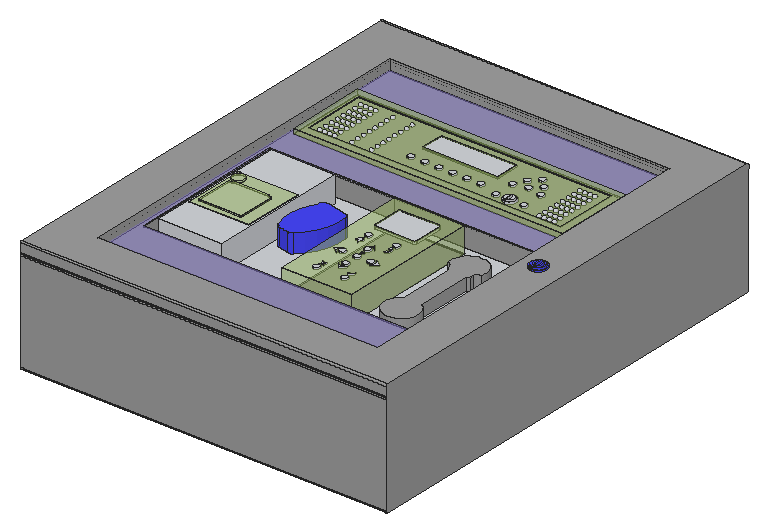
Revit family "Maxlogic ППКП красный корпус, Принтер, Телефон, Речевое оповещение", category Fire Alarm Devices, host Face, Revit 2021
Family settings
  Host = Face
  Maintain Annotation Orientation = Yes
  Round Connector Dimension = Use Diameter
  Part Type = Normal
  OmniClass Number = 23.85.30.21
  OmniClass Title = Environmental Detection/Registration
  Cut with Voids When Loaded = No
  Shared = No
  Room Calculation Point = No
Parameters (values of type "Maxlogic Приемно-контрольный прибор, 9 КШ, 1143 Адрес с дополнительными модулями, Сеть, Принтер, Телефон, Речевое оповещение")
  Вес = "~ 34,25 - 35,70 кг (без аккумулятора)"
  Монтажный короб для установки извещателя с поверхностной прокладкой кабеля = ""
  Гарантийный срок = "Года"
  Гарантийный срок запчастей = "2"
  Гарантия срока службы = "2"
  Версия = ""
  URL = "https://www.mavili.com.tr/"
  Монтажный комплект для установки извещателя в подвесной потолок = ""
  Номер позы общественных работ = ""
  Класс защиты = "IP30"
  Код продукта = "ML-1259.NPTA"
  Номер телефона = "(+)90 216 466 45 05"
  Рабочее напряжение (по умолчанию) = ""
  Диапазон рабочего напряжения = ""
  Рабочая Температура = "(-10°C) - (+55°C)"
  Номинальная глубина = "205 мм"
  Номинальная ширина = "650 мм"
  Номинальная высота = "800 мм"
  Монтажная поверхность = "Настенная"
  Монтажная высота = ""
  Model = "MaxLogic"
  Manufacturer = "Mavili Elektronik Ticaret A.Ş."
  Инструкция по установке = "https://mavilielektronik.com/Revit/ML125XX_enkk.pdf"
  Выход индикации = ""
  Номер факса = "(+)90 216 466 45 10"
  Резервное питание = "220 В Перем. ток"
  Почта = "mavili@mavili.com.tr"
  Отказ = ""
  Настройка адреса устройства = ""
  Description = "Приемно-контрольный прибор, 9 КШ, 1143 Адрес с дополнительными модулями, Сеть, Принтер, Телефон, Речевое оповещение"
  Default Elevation = 0 mm
  Потребление тока = ""
  Валюта = ""
  Cost = 0
  Совместимые базы для монтажа = ""
  Цвет = "Красный"
  Производительность кода = "EN 54\u001f-2 / EN 54-\u001f4"
  Главный Материал = "Красный металлический"
  Вторичный материал = "Органическое стекло / плексиглас"
  Аккумулятор = "4 X (12В Пост. ток 7 Aм/ч. )"
  Адрес №1 = "Şerifali Mahallesi Kutup Sokak No:27/1-2-4 Ümraniye TR-34775 İSTANBUL"
Reference planes
  plane 1 "Center (Front/Back)": y = 0
  plane 2: z = 0
  plane 3 "Center (Left/Right)": x = 0
Forms (mm)
  Extrusion 1, solid, material "MAVİLİ KIRMIZI"
    sketch origin (0, 0, 0) x (0, 1, 0) y (0, 0, 1)
      loop
        arc (400, 0) -> (401.202, 0.498) -> (401.7, 1.7) r 1.7
        line (401.7, 1.7) -> (401.7, 20) -> (401.7, 22) -> (401.7, 169.2) -> (401.7, 171.2) -> (401.7, 181.2)
        arc (401.7, 181.2) -> (401.319, 182.119) -> (400.4, 182.5) r 1.3
        line (400.4, 182.5) -> (375.5, 182.5) -> (375.5, 183.35) -> (400.4, 183.35)
        arc (400.4, 183.35) -> (402.238, 184.112) -> (403, 185.95) r 2.6
        line (403, 185.95) -> (403, 202.45)
        arc (403, 202.45) -> (402.268, 204.218) -> (400.5, 204.95) r 2.5
        line (400.5, 204.95) -> (-400.5, 204.95)
        arc (-400.5, 204.95) -> (-402.268, 204.218) -> (-403, 202.45) r 2.5
        line (-403, 202.45) -> (-403, 185.95)
        arc (-403, 185.95) -> (-402.238, 184.112) -> (-400.4, 183.35) r 2.6
        line (-400.4, 183.35) -> (-388, 183.35) -> (-375.4, 183.35) -> (-375.4, 182.507) -> (-400.401, 182.507)
        arc (-400.401, 182.507) -> (-401.319, 182.127) -> (-401.7, 181.208) r 1.299
        line (-401.7, 181.208) -> (-401.7, 1.7)
        arc (-401.7, 1.7) -> (-401.202, 0.498) -> (-400, 0) r 1.7
        line (-400, 0) -> (400, 0)
    from 0 to 653.309
  Extrusion 2, solid, material "MAVİLİ KOYU GRİ"
    sketch origin (0, 400.5, 204.95) x (0, -1, 0) y (1, 0, 0)
      loop
        circle (408.79, 607.566) r 14.964
    from 0 to 1.467
  Extrusion 3, solid, material "MAVİLİ KOYU GRİ"
    sketch origin (0, 400.5, 204.95) x (0, -1, 0) y (1, 0, 0)
      loop
        circle (408.79, 607.566) r 11.5
    from 0 to 3.526
  Extrusion 4, solid, material "MAVİLİ KOYU GRİ"
    sketch origin (0, 400.5, 204.95) x (0, -1, 0) y (1, 0, 0)
      loop
        circle (408.79, 607.566) r 7.5
    from 0 to 4.805
  Extrusion 5, solid, material "MAVİLİ KOYU GRİ"
    sketch origin (0, 400.5, 204.95) x (0, -1, 0) y (1, 0, 0)
      loop
        line (414.975, 609.11) -> (402.606, 609.11) -> (402.606, 606.022) -> (414.975, 606.022) -> (414.975, 609.11)
    from 0 to 7.467
  Extrusion 6, void
    sketch origin (0, 0, 0) x (1, 0, 0) y (0, 1, 0)
      loop
        line (77.8, 322.429) -> (77.8, -327.571) -> (577.8, -327.571) -> (577.8, 322.429) -> (77.8, 322.429)
    from 185.95 to 212.35
  Extrusion 7, solid, material "MAVİLİ BEYAZ"
    sketch origin (0, 0, 185.95) x (1, 0, 0) y (0, 1, 0)
      loop
        line (87.8, 238.929) -> (87.8, 95.929) -> (567.8, 95.929) -> (567.8, 238.929) -> (87.8, 238.929)
    from 0 to 11.04
  Extrusion 8, void
    sketch origin (0, 0, 196.99) x (0, 1, 0) y (1, 0, 0)
      loop
        line (223.929, 102.8) -> (223.929, 552.8) -> (110.929, 552.8) -> (110.929, 102.8) -> (223.929, 102.8)
    from 0 to 2.067
  Revolve 9, solid
    sketch origin (0, 0, 194.923) x (0, 1, 0) y (-1, 0, 0)
      loop
        line (211.929, -117.7) -> (205.929, -117.7)
        arc (205.929, -117.7) -> (208.929, -120.7) -> (211.929, -117.7) r 3
      axis (211.929, -117.7) -> (205.929, -117.7)
    angle from 0 to -180
  Revolve 10, solid
    sketch origin (9, 0, 194.923) x (0, 1, 0) y (-1, 0, 0)
      loop
        line (211.929, -117.7) -> (205.929, -117.7)
        arc (205.929, -117.7) -> (208.929, -120.7) -> (211.929, -117.7) r 3
      axis (211.929, -117.7) -> (205.929, -117.7)
    angle from 0 to -180
  Revolve 11, solid
    sketch origin (18, 0, 194.923) x (0, 1, 0) y (-1, 0, 0)
      loop
        line (211.929, -117.7) -> (205.929, -117.7)
        arc (205.929, -117.7) -> (208.929, -120.7) -> (211.929, -117.7) r 3
      axis (211.929, -117.7) -> (205.929, -117.7)
    angle from 0 to -180
  Revolve 12, solid
    sketch origin (27, 0, 194.923) x (0, 1, 0) y (-1, 0, 0)
      loop
        line (211.929, -117.7) -> (205.929, -117.7)
        arc (205.929, -117.7) -> (208.929, -120.7) -> (211.929, -117.7) r 3
      axis (211.929, -117.7) -> (205.929, -117.7)
    angle from 0 to -180
  Revolve 13, solid
    sketch origin (0, -13, 194.923) x (0, 1, 0) y (-1, 0, 0)
      loop
        line (211.929, -117.7) -> (205.929, -117.7)
        arc (205.929, -117.7) -> (208.929, -120.7) -> (211.929, -117.7) r 3
      axis (211.929, -117.7) -> (205.929, -117.7)
    angle from 0 to -180
  Revolve 14, solid
    sketch origin (9, -13, 194.923) x (0, 1, 0) y (-1, 0, 0)
      loop
        line (211.929, -117.7) -> (205.929, -117.7)
        arc (205.929, -117.7) -> (208.929, -120.7) -> (211.929, -117.7) r 3
      axis (211.929, -117.7) -> (205.929, -117.7)
    angle from 0 to -180
  Revolve 15, solid
    sketch origin (18, -13, 194.923) x (0, 1, 0) y (-1, 0, 0)
      loop
        line (211.929, -117.7) -> (205.929, -117.7)
        arc (205.929, -117.7) -> (208.929, -120.7) -> (211.929, -117.7) r 3
      axis (211.929, -117.7) -> (205.929, -117.7)
    angle from 0 to -180
  Revolve 16, solid
    sketch origin (27, -13, 194.923) x (0, 1, 0) y (-1, 0, 0)
      loop
        line (211.929, -117.7) -> (205.929, -117.7)
        arc (205.929, -117.7) -> (208.929, -120.7) -> (211.929, -117.7) r 3
      axis (211.929, -117.7) -> (205.929, -117.7)
    angle from 0 to -180
  Revolve 17, solid
    sketch origin (0, -26, 194.923) x (0, 1, 0) y (-1, 0, 0)
      loop
        line (211.929, -117.7) -> (205.929, -117.7)
        arc (205.929, -117.7) -> (208.929, -120.7) -> (211.929, -117.7) r 3
      axis (211.929, -117.7) -> (205.929, -117.7)
    angle from 0 to -180
  Revolve 18, solid
    sketch origin (9, -26, 194.923) x (0, 1, 0) y (-1, 0, 0)
      loop
        line (211.929, -117.7) -> (205.929, -117.7)
        arc (205.929, -117.7) -> (208.929, -120.7) -> (211.929, -117.7) r 3
      axis (211.929, -117.7) -> (205.929, -117.7)
    angle from 0 to -180
  Revolve 19, solid
    sketch origin (18, -26, 194.923) x (0, 1, 0) y (-1, 0, 0)
      loop
        line (211.929, -117.7) -> (205.929, -117.7)
        arc (205.929, -117.7) -> (208.929, -120.7) -> (211.929, -117.7) r 3
      axis (211.929, -117.7) -> (205.929, -117.7)
    angle from 0 to -180
  Revolve 20, solid
    sketch origin (27, -26, 194.923) x (0, 1, 0) y (-1, 0, 0)
      loop
        line (211.929, -117.7) -> (205.929, -117.7)
        arc (205.929, -117.7) -> (208.929, -120.7) -> (211.929, -117.7) r 3
      axis (211.929, -117.7) -> (205.929, -117.7)
    angle from 0 to -180
  Revolve 21, solid
    sketch origin (0, -39, 194.923) x (0, 1, 0) y (-1, 0, 0)
      loop
        line (211.929, -117.7) -> (205.929, -117.7)
        arc (205.929, -117.7) -> (208.929, -120.7) -> (211.929, -117.7) r 3
      axis (211.929, -117.7) -> (205.929, -117.7)
    angle from 0 to -180
  Revolve 22, solid
    sketch origin (9, -39, 194.923) x (0, 1, 0) y (-1, 0, 0)
      loop
        line (211.929, -117.7) -> (205.929, -117.7)
        arc (205.929, -117.7) -> (208.929, -120.7) -> (211.929, -117.7) r 3
      axis (211.929, -117.7) -> (205.929, -117.7)
    angle from 0 to -180
  Revolve 23, solid
    sketch origin (18, -39, 194.923) x (0, 1, 0) y (-1, 0, 0)
      loop
        line (211.929, -117.7) -> (205.929, -117.7)
        arc (205.929, -117.7) -> (208.929, -120.7) -> (211.929, -117.7) r 3
      axis (211.929, -117.7) -> (205.929, -117.7)
    angle from 0 to -180
  Revolve 24, solid
    sketch origin (27, -39, 194.923) x (0, 1, 0) y (-1, 0, 0)
      loop
        line (211.929, -117.7) -> (205.929, -117.7)
        arc (205.929, -117.7) -> (208.929, -120.7) -> (211.929, -117.7) r 3
      axis (211.929, -117.7) -> (205.929, -117.7)
    angle from 0 to -180
  Revolve 25, solid
    sketch origin (0, -52, 194.923) x (0, 1, 0) y (-1, 0, 0)
      loop
        line (211.929, -117.7) -> (205.929, -117.7)
        arc (205.929, -117.7) -> (208.929, -120.7) -> (211.929, -117.7) r 3
      axis (211.929, -117.7) -> (205.929, -117.7)
    angle from 0 to -180
  Revolve 26, solid
    sketch origin (9, -52, 194.923) x (0, 1, 0) y (-1, 0, 0)
      loop
        line (211.929, -117.7) -> (205.929, -117.7)
        arc (205.929, -117.7) -> (208.929, -120.7) -> (211.929, -117.7) r 3
      axis (211.929, -117.7) -> (205.929, -117.7)
    angle from 0 to -180
  Revolve 27, solid
    sketch origin (18, -52, 194.923) x (0, 1, 0) y (-1, 0, 0)
      loop
        line (211.929, -117.7) -> (205.929, -117.7)
        arc (205.929, -117.7) -> (208.929, -120.7) -> (211.929, -117.7) r 3
      axis (211.929, -117.7) -> (205.929, -117.7)
    angle from 0 to -180
  Revolve 28, solid
    sketch origin (27, -52, 194.923) x (0, 1, 0) y (-1, 0, 0)
      loop
        line (211.929, -117.7) -> (205.929, -117.7)
        arc (205.929, -117.7) -> (208.929, -120.7) -> (211.929, -117.7) r 3
      axis (211.929, -117.7) -> (205.929, -117.7)
    angle from 0 to -180
  Revolve 29, solid
    sketch origin (0, -65, 194.923) x (0, 1, 0) y (-1, 0, 0)
      loop
        line (211.929, -117.7) -> (205.929, -117.7)
        arc (205.929, -117.7) -> (208.929, -120.7) -> (211.929, -117.7) r 3
      axis (211.929, -117.7) -> (205.929, -117.7)
    angle from 0 to -180
  Revolve 30, solid
    sketch origin (9, -65, 194.923) x (0, 1, 0) y (-1, 0, 0)
      loop
        line (211.929, -117.7) -> (205.929, -117.7)
        arc (205.929, -117.7) -> (208.929, -120.7) -> (211.929, -117.7) r 3
      axis (211.929, -117.7) -> (205.929, -117.7)
    angle from 0 to -180
  Revolve 31, solid
    sketch origin (18, -65, 194.923) x (0, 1, 0) y (-1, 0, 0)
      loop
        line (211.929, -117.7) -> (205.929, -117.7)
        arc (205.929, -117.7) -> (208.929, -120.7) -> (211.929, -117.7) r 3
      axis (211.929, -117.7) -> (205.929, -117.7)
    angle from 0 to -180
  Revolve 32, solid
    sketch origin (27, -65, 194.923) x (0, 1, 0) y (-1, 0, 0)
      loop
        line (211.929, -117.7) -> (205.929, -117.7)
        arc (205.929, -117.7) -> (208.929, -120.7) -> (211.929, -117.7) r 3
      axis (211.929, -117.7) -> (205.929, -117.7)
    angle from 0 to -180
  Revolve 33, solid
    sketch origin (0, -78, 194.923) x (0, 1, 0) y (-1, 0, 0)
      loop
        line (211.929, -117.7) -> (205.929, -117.7)
        arc (205.929, -117.7) -> (208.929, -120.7) -> (211.929, -117.7) r 3
      axis (211.929, -117.7) -> (205.929, -117.7)
    angle from 0 to -180
  Revolve 34, solid
    sketch origin (9, -78, 194.923) x (0, 1, 0) y (-1, 0, 0)
      loop
        line (211.929, -117.7) -> (205.929, -117.7)
        arc (205.929, -117.7) -> (208.929, -120.7) -> (211.929, -117.7) r 3
      axis (211.929, -117.7) -> (205.929, -117.7)
    angle from 0 to -180
  Revolve 35, solid
    sketch origin (18, -78, 194.923) x (0, 1, 0) y (-1, 0, 0)
      loop
        line (211.929, -117.7) -> (205.929, -117.7)
        arc (205.929, -117.7) -> (208.929, -120.7) -> (211.929, -117.7) r 3
      axis (211.929, -117.7) -> (205.929, -117.7)
    angle from 0 to -180
  Revolve 36, solid
    sketch origin (27, -78, 194.923) x (0, 1, 0) y (-1, 0, 0)
      loop
        line (211.929, -117.7) -> (205.929, -117.7)
        arc (205.929, -117.7) -> (208.929, -120.7) -> (211.929, -117.7) r 3
      axis (211.929, -117.7) -> (205.929, -117.7)
    angle from 0 to -180
  Revolve 37, solid
    sketch origin (0, -91, 194.923) x (0, 1, 0) y (-1, 0, 0)
      loop
        line (211.929, -117.7) -> (205.929, -117.7)
        arc (205.929, -117.7) -> (208.929, -120.7) -> (211.929, -117.7) r 3
      axis (211.929, -117.7) -> (205.929, -117.7)
    angle from 0 to -180
  Revolve 38, solid
    sketch origin (9, -91, 194.923) x (0, 1, 0) y (-1, 0, 0)
      loop
        line (211.929, -117.7) -> (205.929, -117.7)
        arc (205.929, -117.7) -> (208.929, -120.7) -> (211.929, -117.7) r 3
      axis (211.929, -117.7) -> (205.929, -117.7)
    angle from 0 to -180
  Revolve 39, solid
    sketch origin (18, -91, 194.923) x (0, 1, 0) y (-1, 0, 0)
      loop
        line (211.929, -117.7) -> (205.929, -117.7)
        arc (205.929, -117.7) -> (208.929, -120.7) -> (211.929, -117.7) r 3
      axis (211.929, -117.7) -> (205.929, -117.7)
    angle from 0 to -180
  Revolve 40, solid
    sketch origin (27, -91, 194.923) x (0, 1, 0) y (-1, 0, 0)
      loop
        line (211.929, -117.7) -> (205.929, -117.7)
        arc (205.929, -117.7) -> (208.929, -120.7) -> (211.929, -117.7) r 3
      axis (211.929, -117.7) -> (205.929, -117.7)
    angle from 0 to -180
  Revolve 41, solid
    sketch origin (57, 0, 194.923) x (0, 1, 0) y (-1, 0, 0)
      loop
        line (211.929, -117.7) -> (205.929, -117.7)
        arc (205.929, -117.7) -> (208.929, -120.7) -> (211.929, -117.7) r 3
      axis (211.929, -117.7) -> (205.929, -117.7)
    angle from 0 to -180
  Revolve 42, solid
    sketch origin (57, -13, 194.923) x (0, 1, 0) y (-1, 0, 0)
      loop
        line (211.929, -117.7) -> (205.929, -117.7)
        arc (205.929, -117.7) -> (208.929, -120.7) -> (211.929, -117.7) r 3
      axis (211.929, -117.7) -> (205.929, -117.7)
    angle from 0 to -180
  Revolve 43, solid
    sketch origin (57, -26, 194.923) x (0, 1, 0) y (-1, 0, 0)
      loop
        line (211.929, -117.7) -> (205.929, -117.7)
        arc (205.929, -117.7) -> (208.929, -120.7) -> (211.929, -117.7) r 3
      axis (211.929, -117.7) -> (205.929, -117.7)
    angle from 0 to -180
  Revolve 44, solid
    sketch origin (57, -39, 194.923) x (0, 1, 0) y (-1, 0, 0)
      loop
        line (211.929, -117.7) -> (205.929, -117.7)
        arc (205.929, -117.7) -> (208.929, -120.7) -> (211.929, -117.7) r 3
      axis (211.929, -117.7) -> (205.929, -117.7)
    angle from 0 to -180
  Revolve 45, solid
    sketch origin (57, -52, 194.923) x (0, 1, 0) y (-1, 0, 0)
      loop
        line (211.929, -117.7) -> (205.929, -117.7)
        arc (205.929, -117.7) -> (208.929, -120.7) -> (211.929, -117.7) r 3
      axis (211.929, -117.7) -> (205.929, -117.7)
    angle from 0 to -180
  Revolve 46, solid
    sketch origin (57, -65, 194.923) x (0, 1, 0) y (-1, 0, 0)
      loop
        line (211.929, -117.7) -> (205.929, -117.7)
        arc (205.929, -117.7) -> (208.929, -120.7) -> (211.929, -117.7) r 3
      axis (211.929, -117.7) -> (205.929, -117.7)
    angle from 0 to -180
  Revolve 47, solid
    sketch origin (57, -78, 194.923) x (0, 1, 0) y (-1, 0, 0)
      loop
        line (211.929, -117.7) -> (205.929, -117.7)
        arc (205.929, -117.7) -> (208.929, -120.7) -> (211.929, -117.7) r 3
      axis (211.929, -117.7) -> (205.929, -117.7)
    angle from 0 to -180
  Revolve 48, solid
    sketch origin (57, -91, 194.923) x (0, 1, 0) y (-1, 0, 0)
      loop
        line (211.929, -117.7) -> (205.929, -117.7)
        arc (205.929, -117.7) -> (208.929, -120.7) -> (211.929, -117.7) r 3
      axis (211.929, -117.7) -> (205.929, -117.7)
    angle from 0 to -180
  Revolve 49, solid
    sketch origin (92, 0, 194.923) x (0, 1, 0) y (-1, 0, 0)
      loop
        line (211.929, -117.7) -> (205.929, -117.7)
        arc (205.929, -117.7) -> (208.929, -120.7) -> (211.929, -117.7) r 3
      axis (211.929, -117.7) -> (205.929, -117.7)
    angle from 0 to -180
  Revolve 50, solid
    sketch origin (92, -13, 194.923) x (0, 1, 0) y (-1, 0, 0)
      loop
        line (211.929, -117.7) -> (205.929, -117.7)
        arc (205.929, -117.7) -> (208.929, -120.7) -> (211.929, -117.7) r 3
      axis (211.929, -117.7) -> (205.929, -117.7)
    angle from 0 to -180
  Revolve 51, solid
    sketch origin (92, -26, 194.923) x (0, 1, 0) y (-1, 0, 0)
      loop
        line (211.929, -117.7) -> (205.929, -117.7)
        arc (205.929, -117.7) -> (208.929, -120.7) -> (211.929, -117.7) r 3
      axis (211.929, -117.7) -> (205.929, -117.7)
    angle from 0 to -180
  Revolve 52, solid
    sketch origin (92, -39, 194.923) x (0, 1, 0) y (-1, 0, 0)
      loop
        line (211.929, -117.7) -> (205.929, -117.7)
        arc (205.929, -117.7) -> (208.929, -120.7) -> (211.929, -117.7) r 3
      axis (211.929, -117.7) -> (205.929, -117.7)
    angle from 0 to -180
  Revolve 53, solid
    sketch origin (92, -52, 194.923) x (0, 1, 0) y (-1, 0, 0)
      loop
        line (211.929, -117.7) -> (205.929, -117.7)
        arc (205.929, -117.7) -> (208.929, -120.7) -> (211.929, -117.7) r 3
      axis (211.929, -117.7) -> (205.929, -117.7)
    angle from 0 to -180
  Revolve 54, solid
    sketch origin (92, -65, 194.923) x (0, 1, 0) y (-1, 0, 0)
      loop
        line (211.929, -117.7) -> (205.929, -117.7)
        arc (205.929, -117.7) -> (208.929, -120.7) -> (211.929, -117.7) r 3
      axis (211.929, -117.7) -> (205.929, -117.7)
    angle from 0 to -180
  Revolve 55, solid
    sketch origin (92, -78, 194.923) x (0, 1, 0) y (-1, 0, 0)
      loop
        line (211.929, -117.7) -> (205.929, -117.7)
        arc (205.929, -117.7) -> (208.929, -120.7) -> (211.929, -117.7) r 3
      axis (211.929, -117.7) -> (205.929, -117.7)
    angle from 0 to -180
  Revolve 56, solid
    sketch origin (92, -91, 194.923) x (0, 1, 0) y (-1, 0, 0)
      loop
        line (211.929, -117.7) -> (205.929, -117.7)
        arc (205.929, -117.7) -> (208.929, -120.7) -> (211.929, -117.7) r 3
      axis (211.929, -117.7) -> (205.929, -117.7)
    angle from 0 to -180
  Extrusion 57, solid
    sketch origin (0, 0, 194.923) x (0, 1, 0) y (-1, 0, 0)
      loop
        circle (137.429, -264.2) r 5.5
    from 0 to 1.44
  Extrusion 58, solid
    sketch origin (25, 0, 194.923) x (0, 1, 0) y (-1, 0, 0)
      loop
        circle (137.429, -264.2) r 5.5
    from 0 to 1.44
  Extrusion 59, solid
    sketch origin (50, 0, 194.923) x (0, 1, 0) y (-1, 0, 0)
      loop
        circle (137.429, -264.2) r 5.5
    from 0 to 1.44
  Extrusion 60, solid
    sketch origin (75, 0, 194.923) x (0, 1, 0) y (-1, 0, 0)
      loop
        circle (137.429, -264.2) r 5.5
    from 0 to 1.44
  Extrusion 61, solid
    sketch origin (100, 0, 194.923) x (0, 1, 0) y (-1, 0, 0)
      loop
        circle (137.429, -264.2) r 5.5
    from 0 to 1.44
  Extrusion 62, solid
    sketch origin (125, 0, 194.923) x (0, 1, 0) y (-1, 0, 0)
      loop
        circle (137.429, -264.2) r 5.5
    from 0 to 1.44
  Extrusion 63, solid
    sketch origin (159.838, -9.99, 194.923) x (0, 1, 0) y (-1, 0, 0)
      loop
        circle (137.429, -264.2) r 5.5
    from 0 to 1.44
  Extrusion 64, solid
    sketch origin (209.838, -9.99, 194.923) x (0, 1, 0) y (-1, 0, 0)
      loop
        circle (137.429, -264.2) r 5.5
    from 0 to 1.44
  Extrusion 65, solid
    sketch origin (209.838, 27.51, 194.923) x (0, 1, 0) y (-1, 0, 0)
      loop
        circle (137.429, -264.2) r 5.5
    from 0 to 1.44
  Extrusion 66, solid
    sketch origin (184.09, 32.515, 194.923) x (0, 1, 0) y (-1, 0, 0)
      loop
        circle (137.429, -264.2) r 5.5
    from 0 to 1.44
  Extrusion 67, solid
    sketch origin (159.636, 27.318, 194.923) x (0, 1, 0) y (-1, 0, 0)
      loop
        circle (137.429, -264.2) r 5.5
    from 0 to 1.44
  Extrusion 68, solid
    sketch origin (169.48, 47.5, 194.923) x (0, 1, 0) y (-1, 0, 0)
      loop
        circle (137.429, -264.2) r 5.5
    from 0 to 1.44
  Extrusion 69, solid
    sketch origin (199.52, 47.5, 194.923) x (0, 1, 0) y (-1, 0, 0)
      loop
        circle (137.429, -264.2) r 5.5
    from 0 to 1.44
  Extrusion 70, solid
    sketch origin (184.52, 62.5, 194.923) x (0, 1, 0) y (-1, 0, 0)
      loop
        circle (137.429, -264.2) r 5.5
    from 0 to 1.44
  Revolve 71, solid
    sketch origin (391, 0, 194.923) x (0, 1, 0) y (-1, 0, 0)
      loop
        line (211.929, -117.7) -> (205.929, -117.7)
        arc (205.929, -117.7) -> (208.929, -120.7) -> (211.929, -117.7) r 3
      axis (211.929, -117.7) -> (205.929, -117.7)
    angle from 0 to -180
  Revolve 72, solid
    sketch origin (400, 0, 194.923) x (0, 1, 0) y (-1, 0, 0)
      loop
        line (211.929, -117.7) -> (205.929, -117.7)
        arc (205.929, -117.7) -> (208.929, -120.7) -> (211.929, -117.7) r 3
      axis (211.929, -117.7) -> (205.929, -117.7)
    angle from 0 to -180
  Revolve 73, solid
    sketch origin (409, 0, 194.923) x (0, 1, 0) y (-1, 0, 0)
      loop
        line (211.929, -117.7) -> (205.929, -117.7)
        arc (205.929, -117.7) -> (208.929, -120.7) -> (211.929, -117.7) r 3
      axis (211.929, -117.7) -> (205.929, -117.7)
    angle from 0 to -180
  Revolve 74, solid
    sketch origin (418, 0, 194.923) x (0, 1, 0) y (-1, 0, 0)
      loop
        line (211.929, -117.7) -> (205.929, -117.7)
        arc (205.929, -117.7) -> (208.929, -120.7) -> (211.929, -117.7) r 3
      axis (211.929, -117.7) -> (205.929, -117.7)
    angle from 0 to -180
  Revolve 75, solid
    sketch origin (391, -13, 194.923) x (0, 1, 0) y (-1, 0, 0)
      loop
        line (211.929, -117.7) -> (205.929, -117.7)
        arc (205.929, -117.7) -> (208.929, -120.7) -> (211.929, -117.7) r 3
      axis (211.929, -117.7) -> (205.929, -117.7)
    angle from 0 to -180
  Revolve 76, solid
    sketch origin (400, -13, 194.923) x (0, 1, 0) y (-1, 0, 0)
      loop
        line (211.929, -117.7) -> (205.929, -117.7)
        arc (205.929, -117.7) -> (208.929, -120.7) -> (211.929, -117.7) r 3
      axis (211.929, -117.7) -> (205.929, -117.7)
    angle from 0 to -180
  Revolve 77, solid
    sketch origin (409, -13, 194.923) x (0, 1, 0) y (-1, 0, 0)
      loop
        line (211.929, -117.7) -> (205.929, -117.7)
        arc (205.929, -117.7) -> (208.929, -120.7) -> (211.929, -117.7) r 3
      axis (211.929, -117.7) -> (205.929, -117.7)
    angle from 0 to -180
  Revolve 78, solid
    sketch origin (418, -13, 194.923) x (0, 1, 0) y (-1, 0, 0)
      loop
        line (211.929, -117.7) -> (205.929, -117.7)
        arc (205.929, -117.7) -> (208.929, -120.7) -> (211.929, -117.7) r 3
      axis (211.929, -117.7) -> (205.929, -117.7)
    angle from 0 to -180
  Revolve 79, solid
    sketch origin (391, -26, 194.923) x (0, 1, 0) y (-1, 0, 0)
      loop
        line (211.929, -117.7) -> (205.929, -117.7)
        arc (205.929, -117.7) -> (208.929, -120.7) -> (211.929, -117.7) r 3
      axis (211.929, -117.7) -> (205.929, -117.7)
    angle from 0 to -180
  Revolve 80, solid
    sketch origin (400, -26, 194.923) x (0, 1, 0) y (-1, 0, 0)
      loop
        line (211.929, -117.7) -> (205.929, -117.7)
        arc (205.929, -117.7) -> (208.929, -120.7) -> (211.929, -117.7) r 3
      axis (211.929, -117.7) -> (205.929, -117.7)
    angle from 0 to -180
  Revolve 81, solid
    sketch origin (409, -26, 194.923) x (0, 1, 0) y (-1, 0, 0)
      loop
        line (211.929, -117.7) -> (205.929, -117.7)
        arc (205.929, -117.7) -> (208.929, -120.7) -> (211.929, -117.7) r 3
      axis (211.929, -117.7) -> (205.929, -117.7)
    angle from 0 to -180
  Revolve 82, solid
    sketch origin (418, -26, 194.923) x (0, 1, 0) y (-1, 0, 0)
      loop
        line (211.929, -117.7) -> (205.929, -117.7)
        arc (205.929, -117.7) -> (208.929, -120.7) -> (211.929, -117.7) r 3
      axis (211.929, -117.7) -> (205.929, -117.7)
    angle from 0 to -180
  Revolve 83, solid
    sketch origin (391, -39, 194.923) x (0, 1, 0) y (-1, 0, 0)
      loop
        line (211.929, -117.7) -> (205.929, -117.7)
        arc (205.929, -117.7) -> (208.929, -120.7) -> (211.929, -117.7) r 3
      axis (211.929, -117.7) -> (205.929, -117.7)
    angle from 0 to -180
  Revolve 84, solid
    sketch origin (400, -39, 194.923) x (0, 1, 0) y (-1, 0, 0)
      loop
        line (211.929, -117.7) -> (205.929, -117.7)
        arc (205.929, -117.7) -> (208.929, -120.7) -> (211.929, -117.7) r 3
      axis (211.929, -117.7) -> (205.929, -117.7)
    angle from 0 to -180
  Revolve 85, solid
    sketch origin (409, -39, 194.923) x (0, 1, 0) y (-1, 0, 0)
      loop
        line (211.929, -117.7) -> (205.929, -117.7)
        arc (205.929, -117.7) -> (208.929, -120.7) -> (211.929, -117.7) r 3
      axis (211.929, -117.7) -> (205.929, -117.7)
    angle from 0 to -180
  Revolve 86, solid
    sketch origin (418, -39, 194.923) x (0, 1, 0) y (-1, 0, 0)
      loop
        line (211.929, -117.7) -> (205.929, -117.7)
        arc (205.929, -117.7) -> (208.929, -120.7) -> (211.929, -117.7) r 3
      axis (211.929, -117.7) -> (205.929, -117.7)
    angle from 0 to -180
  Revolve 87, solid
    sketch origin (391, -52, 194.923) x (0, 1, 0) y (-1, 0, 0)
      loop
        line (211.929, -117.7) -> (205.929, -117.7)
        arc (205.929, -117.7) -> (208.929, -120.7) -> (211.929, -117.7) r 3
      axis (211.929, -117.7) -> (205.929, -117.7)
    angle from 0 to -180
  Revolve 88, solid
    sketch origin (400, -52, 194.923) x (0, 1, 0) y (-1, 0, 0)
      loop
        line (211.929, -117.7) -> (205.929, -117.7)
        arc (205.929, -117.7) -> (208.929, -120.7) -> (211.929, -117.7) r 3
      axis (211.929, -117.7) -> (205.929, -117.7)
    angle from 0 to -180
  Revolve 89, solid
    sketch origin (409, -52, 194.923) x (0, 1, 0) y (-1, 0, 0)
      loop
        line (211.929, -117.7) -> (205.929, -117.7)
        arc (205.929, -117.7) -> (208.929, -120.7) -> (211.929, -117.7) r 3
      axis (211.929, -117.7) -> (205.929, -117.7)
    angle from 0 to -180
  Revolve 90, solid
    sketch origin (418, -52, 194.923) x (0, 1, 0) y (-1, 0, 0)
      loop
        line (211.929, -117.7) -> (205.929, -117.7)
        arc (205.929, -117.7) -> (208.929, -120.7) -> (211.929, -117.7) r 3
      axis (211.929, -117.7) -> (205.929, -117.7)
    angle from 0 to -180
  Revolve 91, solid
    sketch origin (391, -65, 194.923) x (0, 1, 0) y (-1, 0, 0)
      loop
        line (211.929, -117.7) -> (205.929, -117.7)
        arc (205.929, -117.7) -> (208.929, -120.7) -> (211.929, -117.7) r 3
      axis (211.929, -117.7) -> (205.929, -117.7)
    angle from 0 to -180
  Revolve 92, solid
    sketch origin (400, -65, 194.923) x (0, 1, 0) y (-1, 0, 0)
      loop
        line (211.929, -117.7) -> (205.929, -117.7)
        arc (205.929, -117.7) -> (208.929, -120.7) -> (211.929, -117.7) r 3
      axis (211.929, -117.7) -> (205.929, -117.7)
    angle from 0 to -180
  Revolve 93, solid
    sketch origin (409, -65, 194.923) x (0, 1, 0) y (-1, 0, 0)
      loop
        line (211.929, -117.7) -> (205.929, -117.7)
        arc (205.929, -117.7) -> (208.929, -120.7) -> (211.929, -117.7) r 3
      axis (211.929, -117.7) -> (205.929, -117.7)
    angle from 0 to -180
  Revolve 94, solid
    sketch origin (418, -65, 194.923) x (0, 1, 0) y (-1, 0, 0)
      loop
        line (211.929, -117.7) -> (205.929, -117.7)
        arc (205.929, -117.7) -> (208.929, -120.7) -> (211.929, -117.7) r 3
      axis (211.929, -117.7) -> (205.929, -117.7)
    angle from 0 to -180
  Revolve 95, solid
    sketch origin (391, -78, 194.923) x (0, 1, 0) y (-1, 0, 0)
      loop
        line (211.929, -117.7) -> (205.929, -117.7)
        arc (205.929, -117.7) -> (208.929, -120.7) -> (211.929, -117.7) r 3
      axis (211.929, -117.7) -> (205.929, -117.7)
    angle from 0 to -180
  Revolve 96, solid
    sketch origin (400, -78, 194.923) x (0, 1, 0) y (-1, 0, 0)
      loop
        line (211.929, -117.7) -> (205.929, -117.7)
        arc (205.929, -117.7) -> (208.929, -120.7) -> (211.929, -117.7) r 3
      axis (211.929, -117.7) -> (205.929, -117.7)
    angle from 0 to -180
  Revolve 97, solid
    sketch origin (409, -78, 194.923) x (0, 1, 0) y (-1, 0, 0)
      loop
        line (211.929, -117.7) -> (205.929, -117.7)
        arc (205.929, -117.7) -> (208.929, -120.7) -> (211.929, -117.7) r 3
      axis (211.929, -117.7) -> (205.929, -117.7)
    angle from 0 to -180
  Revolve 98, solid
    sketch origin (418, -78, 194.923) x (0, 1, 0) y (-1, 0, 0)
      loop
        line (211.929, -117.7) -> (205.929, -117.7)
        arc (205.929, -117.7) -> (208.929, -120.7) -> (211.929, -117.7) r 3
      axis (211.929, -117.7) -> (205.929, -117.7)
    angle from 0 to -180
  Revolve 99, solid
    sketch origin (391, -91, 194.923) x (0, 1, 0) y (-1, 0, 0)
      loop
        line (211.929, -117.7) -> (205.929, -117.7)
        arc (205.929, -117.7) -> (208.929, -120.7) -> (211.929, -117.7) r 3
      axis (211.929, -117.7) -> (205.929, -117.7)
    angle from 0 to -180
  Revolve 100, solid
    sketch origin (400, -91, 194.923) x (0, 1, 0) y (-1, 0, 0)
      loop
        line (211.929, -117.7) -> (205.929, -117.7)
        arc (205.929, -117.7) -> (208.929, -120.7) -> (211.929, -117.7) r 3
      axis (211.929, -117.7) -> (205.929, -117.7)
    angle from 0 to -180
  Revolve 101, solid
    sketch origin (409, -91, 194.923) x (0, 1, 0) y (-1, 0, 0)
      loop
        line (211.929, -117.7) -> (205.929, -117.7)
        arc (205.929, -117.7) -> (208.929, -120.7) -> (211.929, -117.7) r 3
      axis (211.929, -117.7) -> (205.929, -117.7)
    angle from 0 to -180
  Revolve 102, solid
    sketch origin (418, -91, 194.923) x (0, 1, 0) y (-1, 0, 0)
      loop
        line (211.929, -117.7) -> (205.929, -117.7)
        arc (205.929, -117.7) -> (208.929, -120.7) -> (211.929, -117.7) r 3
      axis (211.929, -117.7) -> (205.929, -117.7)
    angle from 0 to -180
  Extrusion 103, solid
    sketch origin (0, 0, 194.923) x (0, 1, 0) y (-1, 0, 0)
      loop
        circle (127.429, -448.7) r 11
    from 0 to 3
  Extrusion 104, solid
    sketch origin (0, 0, 194.923) x (0, 1, 0) y (-1, 0, 0)
      loop
        circle (127.429, -448.7) r 8.113
    from 0 to 5
  Extrusion 105, solid
    sketch origin (0, 0, 194.923) x (0, 1, 0) y (-1, 0, 0)
      loop
        line (131.17, -447.45) -> (121.17, -447.45) -> (121.17, -449.95) -> (131.17, -449.95) -> (131.17, -447.45)
    from 0 to 7
  Extrusion 106, void
    sketch origin (0, 0, 194.923) x (-1, 0, 0) y (0, 1, 0)
      loop
        line (-259.7, 210.929) -> (-393.7, 210.929) -> (-393.7, 169.929) -> (-259.7, 169.929) -> (-259.7, 210.929)
    from 0 to 4.399
  Extrusion 107, solid, material "MAVİLİ SİYAH"
    sketch origin (0, 0, 185.95) x (1, 0, 0) y (0, 1, 0)
      loop
        line (77.8, 322.429) -> (77.8, -327.571) -> (577.8, -327.571) -> (577.8, 322.429) -> (77.8, 322.429)
      loop
        line (87.8, 238.929) -> (87.8, 95.929) -> (567.8, 95.929) -> (567.8, 238.929) -> (87.8, 238.929)
      loop
        line (87.8, 44.429) -> (87.8, -237.571) -> (567.8, -237.571) -> (567.8, 44.429) -> (87.8, 44.429)
    from 0 to 2
  Extrusion 108, void
    sketch origin (0, 0, 185.95) x (0, 1, 0) y (1, 0, 0)
      loop
        line (44.429, 87.8) -> (44.429, 567.8) -> (-237.571, 567.8) -> (-237.571, 87.8) -> (44.429, 87.8)
    from -8.973 to 35.649
  Extrusion 109, solid, material "MAVİLİ BEYAZ"
    sketch origin (0, 0, 150.301) x (0, 1, 0) y (-1, 0, 0)
      loop
        line (29.429, -322.2) -> (-222.571, -322.2) -> (-222.571, -447.2) -> (29.429, -447.2) -> (29.429, -322.2)
    from 0 to 46.689
  Extrusion 110, void
    sketch origin (0, 0, 196.99) x (-1, 0, 0) y (0, 1, 0)
      loop
        arc (-418.722, 7.929) -> (-420.828, 7.057) -> (-421.7, 4.952) r 2.978
        line (-421.7, 4.952) -> (-421.7, -46.721)
        arc (-421.7, -46.721) -> (-420.719, -49.09) -> (-418.35, -50.071) r 3.35
        line (-418.35, -50.071) -> (-350.678, -50.071)
        arc (-350.678, -50.071) -> (-348.572, -49.199) -> (-347.7, -47.093) r 2.978
        line (-347.7, -47.093) -> (-347.7, 4.579)
        arc (-347.7, 4.579) -> (-348.681, 6.948) -> (-351.05, 7.929) r 3.35
        line (-351.05, 7.929) -> (-418.722, 7.929)
    from 0 to 4.328
  Extrusion 111, solid
    sketch origin (0, 0, 196.99) x (0, 1, 0) y (-1, 0, 0)
      loop
        circle (-76.571, -359.7) r 5.5
    from 0 to 1.215
  Extrusion 112, solid
    sketch origin (50, 0, 196.99) x (0, 1, 0) y (-1, 0, 0)
      loop
        circle (-76.571, -359.7) r 5.5
    from 0 to 1.215
  Extrusion 113, solid
    sketch origin (24.619, -32.487, 196.99) x (0, 1, 0) y (-1, 0, 0)
      loop
        circle (-76.571, -359.7) r 5.5
    from 0 to 1.215
  Extrusion 114, solid
    sketch origin (-0.381, -57.487, 196.99) x (0, 1, 0) y (-1, 0, 0)
      loop
        circle (-76.571, -359.7) r 5.5
    from 0 to 1.215
  Extrusion 115, solid
    sketch origin (25.381, -57.487, 196.99) x (0, 1, 0) y (-1, 0, 0)
      loop
        circle (-76.571, -359.7) r 5.5
    from 0 to 1.215
  Extrusion 116, solid
    sketch origin (50.381, -57.487, 196.99) x (0, 1, 0) y (-1, 0, 0)
      loop
        circle (-76.571, -359.7) r 5.5
    from 0 to 1.215
  Extrusion 117, solid
    sketch origin (25.381, -82.487, 196.99) x (0, 1, 0) y (-1, 0, 0)
      loop
        circle (-76.571, -359.7) r 5.5
    from 0 to 1.215
  Extrusion 118, solid
    sketch origin (-0.381, -114.987, 196.99) x (0, 1, 0) y (-1, 0, 0)
      loop
        circle (-76.571, -359.7) r 5.5
    from 0 to 1.215
  Extrusion 119, solid
    sketch origin (49.619, -114.987, 196.99) x (0, 1, 0) y (-1, 0, 0)
      loop
        circle (-76.571, -359.7) r 5.5
    from 0 to 1.215
  Extrusion 120, solid
    sketch origin (0, 0, 196.99) x (0, 1, 0) y (-1, 0, 0)
      loop
        line (-89.858, -352.987) -> (-95.854, -352.987) -> (-95.854, -355.963) -> (-100.567, -360.676) -> (-95.341, -360.676)
        arc (-95.341, -360.676) -> (-92.599, -363.417) -> (-89.858, -360.676) r 2.741
        line (-89.858, -360.676) -> (-85.146, -360.676) -> (-89.858, -355.964) -> (-89.858, -352.987)
      loop
        line (-95.854, -407.275) -> (-100.553, -405.565) -> (-101.361, -407.785)
        arc (-101.361, -407.785) -> (-101.458, -408.8) -> (-101.05, -409.734) r 2.031
        arc (-101.05, -409.734) -> (-93.528, -413.779) -> (-85.449, -411.014) r 10.675
        arc (-85.449, -411.014) -> (-84.55, -409.677) -> (-84.379, -408.075) r 3.353
        line (-84.379, -408.075) -> (-85.581, -405.827) -> (-89.619, -406.909) -> (-89.619, -408.398) -> (-89.049, -410.524)
        arc (-89.049, -410.524) -> (-92.67, -411.132) -> (-96.212, -410.164) r 8.549
        line (-96.212, -410.164) -> (-96.588, -408.76) -> (-95.854, -407.275)
      loop
        line (-93.81, -384.7) -> (-104.148, -376.91)
        arc (-104.148, -376.91) -> (-100.273, -384.682) -> (-104.148, -392.454) r 9.731
        line (-104.148, -392.454) -> (-93.81, -384.7)
      loop
        line (-174.331, -384.7) -> (-163.993, -392.454)
        arc (-163.993, -392.454) -> (-167.868, -384.682) -> (-163.993, -376.91) r 9.731
        line (-163.993, -376.91) -> (-174.331, -384.7)
      loop
        line (-134.141, -344.364) -> (-141.931, -354.674)
        arc (-141.931, -354.674) -> (-134.146, -350.827) -> (-126.388, -354.73) r 9.731
        line (-126.388, -354.73) -> (-134.141, -344.364)
      loop
        line (-134.141, -425.103) -> (-126.388, -414.737)
        arc (-126.388, -414.737) -> (-134.146, -418.64) -> (-141.931, -414.793) r 9.731
        line (-141.931, -414.793) -> (-134.141, -425.103)
      loop
        line (-126.825, -383.681) -> (-126.825, -385.786) -> (-124.969, -385.786) -> (-124.969, -383.681) -> (-126.825, -383.681)
      loop
        line (-124.447, -383.681) -> (-124.447, -385.786)
        arc (-124.447, -385.786) -> (-122.792, -386.657) -> (-121.283, -387.763) r 12.659
        arc (-121.283, -387.763) -> (-119.016, -384.799) -> (-121.581, -382.088) r 2.878
        line (-121.581, -382.088) -> (-121.792, -384.043)
        arc (-121.792, -384.043) -> (-120.648, -384.671) -> (-121.666, -385.489) r 0.785
        arc (-121.666, -385.489) -> (-122.825, -384.228) -> (-124.447, -383.681) r 3.448
      loop
        line (-176.884, -359.802) -> (-174.478, -358.413) -> (-174.478, -355.74) -> (-178.427, -358.02) -> (-182.428, -355.52) -> (-182.428, -358.254) -> (-179.951, -359.802) -> (-182.428, -361.35) -> (-182.428, -364.084) -> (-178.427, -361.584) -> (-174.478, -363.864) -> (-174.478, -361.191) -> (-176.884, -359.802)
      loop
        line (-176.139, -406.226) -> (-177.823, -404.542) -> (-182.442, -408.023) -> (-172.567, -414.401) -> (-171.327, -413.162) -> (-178.875, -408.287) -> (-176.139, -406.226)
    from 0 to 0.622
  Extrusion 121, solid
    sketch origin (0, 0, 192.662) x (-1, 0, 0) y (0, -1, 0)
      loop
        line (-347.7, -4.579) -> (-347.7, 47.093)
        arc (-347.7, 47.093) -> (-348.572, 49.199) -> (-350.678, 50.071) r 2.978
        line (-350.678, 50.071) -> (-418.35, 50.071)
        arc (-418.35, 50.071) -> (-420.719, 49.09) -> (-421.7, 46.721) r 3.35
        line (-421.7, 46.721) -> (-421.7, -4.952)
        arc (-421.7, -4.952) -> (-420.828, -7.057) -> (-418.722, -7.929) r 2.978
        line (-418.722, -7.929) -> (-351.05, -7.929)
        arc (-351.05, -7.929) -> (-348.681, -6.948) -> (-347.7, -4.579) r 3.35
    from 0 to 2.854
  Extrusion 122, solid
    sketch origin (0, 0, 192.662) x (-1, 0, 0) y (0, -1, 0)
      loop
        line (-393.7, -210.929) -> (-259.7, -210.929) -> (-259.7, -169.929) -> (-393.7, -169.929) -> (-393.7, -210.929)
    from 0 to 1.011
  Extrusion 123, solid, material "MAVİLİ KOYU GRİ"
    sketch origin (0, 0, 150.301) x (0, 1, 0) y (-1, 0, 0)
      loop
        arc (-118.26, -259.979) -> (-82.16, -283.406) -> (-39.468, -288.83) r 96.607
        arc (-39.468, -288.83) -> (-34.245, -286.777) -> (-31.276, -282.016) r 8.937
        line (-31.276, -282.016) -> (-22.533, -246.022)
        arc (-22.533, -246.022) -> (-24.6, -238.558) -> (-30.858, -233.996) r 11.764
        line (-30.858, -233.996) -> (-43.139, -227.999)
        arc (-43.139, -227.999) -> (-76.394, -221.027) -> (-110.006, -226.001) r 96.607
        arc (-110.006, -226.001) -> (-114.499, -227.861) -> (-116.36, -232.354) r 6.353
        line (-116.36, -232.354) -> (-120.735, -251.043)
        arc (-120.735, -251.043) -> (-120.639, -255.827) -> (-118.26, -259.979) r 9.666
    from 0 to 33.722
  Extrusion 124, solid
    sketch origin (0, 0, 150.301) x (0, 1, 0) y (-1, 0, 0)
      loop
        line (29.429, -102.8) -> (-222.571, -102.8) -> (-222.571, -215.2) -> (29.429, -215.2) -> (29.429, -102.8)
    from 0 to 46.7
  Extrusion 125, solid, material "MAVİLİ BEYAZ"
    sketch origin (0, 0, 197.001) x (0, 1, 0) y (-1, 0, 0)
      loop
        circle (-65.071, -119.2) r 10.8
    from 0 to 3.641
  Extrusion 126, solid, material "MAVİLİ BEYAZ"
    sketch origin (0, 0, 197.001) x (0, 1, 0) y (-1, 0, 0)
      loop
        line (-148.571, -115.7) -> (-148.571, -189.7)
        arc (-148.571, -189.7) -> (-148.278, -190.407) -> (-147.571, -190.7) r 1
        line (-147.571, -190.7) -> (-81.571, -190.7)
        arc (-81.571, -190.7) -> (-80.864, -190.407) -> (-80.571, -189.7) r 1
        line (-80.571, -189.7) -> (-80.571, -184.95) -> (-78.071, -184.95) -> (-78.071, -120.45) -> (-80.571, -120.45) -> (-80.571, -115.7)
        arc (-80.571, -115.7) -> (-80.864, -114.993) -> (-81.571, -114.7) r 1
        line (-81.571, -114.7) -> (-147.571, -114.7)
        arc (-147.571, -114.7) -> (-148.278, -114.993) -> (-148.571, -115.7) r 1
    from 0 to 3.641
  Extrusion 127, solid, material "MAVİLİ BEYAZ"
    sketch origin (0, 0, 197.001) x (0, 1, 0) y (-1, 0, 0)
      loop
        line (-48.99, -105.781) -> (-158.99, -105.781) -> (-158.99, -212.776) -> (-48.99, -212.776) -> (-48.99, -105.781)
      loop
        circle (-65.071, -119.2) r 10.8
      loop
        line (-78.071, -184.95) -> (-78.071, -120.45) -> (-80.571, -120.45) -> (-80.571, -115.7)
        arc (-80.571, -115.7) -> (-80.864, -114.993) -> (-81.571, -114.7) r 1
        line (-81.571, -114.7) -> (-147.571, -114.7)
        arc (-147.571, -114.7) -> (-148.278, -114.993) -> (-148.571, -115.7) r 1
        line (-148.571, -115.7) -> (-148.571, -189.7)
        arc (-148.571, -189.7) -> (-148.278, -190.407) -> (-147.571, -190.7) r 1
        line (-147.571, -190.7) -> (-81.571, -190.7)
        arc (-81.571, -190.7) -> (-80.864, -190.407) -> (-80.571, -189.7) r 1
        line (-80.571, -189.7) -> (-80.571, -184.95) -> (-78.071, -184.95)
    from 0 to 1
  Extrusion 128, solid
    sketch origin (0, 0, 150.301) x (0, 1, 0) y (-1, 0, 0)
      loop
        line (44.429, -87.8) -> (-237.571, -87.8) -> (-237.571, -567.8) -> (44.429, -567.8) -> (44.429, -87.8)
      loop
        line (29.429, -102.8) -> (-222.571, -102.8) -> (-222.571, -215.2) -> (29.429, -215.2) -> (29.429, -102.8)
      loop
        line (29.429, -322.2) -> (-222.571, -322.2) -> (-222.571, -447.2) -> (29.429, -447.2) -> (29.429, -322.2)
    from 0 to 1
  Extrusion 129, solid, material "MAVİLİ KIRMIZI"
    sketch origin (0, 0, 150.301) x (-1, 0, 0) y (0, 1, 0)
      loop
        arc (-466.687, -33.13) -> (-496.687, 5.743) -> (-526.687, -33.13) r 31.013
        arc (-526.687, -33.13) -> (-520.521, -35.356) -> (-517.258, -41.042) r 9.516
        line (-517.258, -41.042) -> (-517.545, -45.452)
        arc (-517.545, -45.452) -> (-515.452, -48.404) -> (-512.5, -50.497) r 10.78
        line (-512.5, -50.497) -> (-512.5, -148.675)
        arc (-512.5, -148.675) -> (-496.778, -205.38) -> (-481.057, -148.675) r 30.532
        line (-481.057, -148.675) -> (-481.057, -50.582)
        arc (-481.057, -50.582) -> (-477.994, -48.474) -> (-475.83, -45.452) r 10.78
        line (-475.83, -45.452) -> (-476.116, -41.042)
        arc (-476.116, -41.042) -> (-472.853, -35.356) -> (-466.687, -33.13) r 9.516
    from -22.05 to 10
  Extrusion 130, solid, material "Glass"
    sketch origin (0, 0, 187.95) x (1, 0, 0) y (0, 1, 0)
      loop
        line (77.8, 322.429) -> (77.8, -327.571) -> (577.8, -327.571) -> (577.8, 322.429) -> (77.8, 322.429)
    from 9.04 to 14.339
  Extrusion 131, solid
    sketch origin (0, 0, 0) x (1, 0, 0) y (0, 0, 1)
      loop
        line (575.828, 96.743) -> (574.511, 96.743)
        arc (574.511, 96.743) -> (574.427, 95.036) -> (574.511, 93.33) r 17.356
        line (574.511, 93.33) -> (575.838, 93.33)
        arc (575.838, 93.33) -> (586.7, 84.067) -> (597.562, 93.33) r 11
        line (597.562, 93.33) -> (598.889, 93.33)
        arc (598.889, 93.33) -> (598.973, 95.036) -> (598.889, 96.743) r 17.356
        line (598.889, 96.743) -> (597.572, 96.743)
        arc (597.572, 96.743) -> (586.7, 106.067) -> (575.828, 96.743) r 11
    from -403.653 to -401.7
  Extrusion 132, solid
    sketch origin (-40, 0, 0) x (1, 0, 0) y (0, 0, 1)
      loop
        line (575.828, 96.743) -> (574.511, 96.743)
        arc (574.511, 96.743) -> (574.427, 95.036) -> (574.511, 93.33) r 17.356
        line (574.511, 93.33) -> (575.838, 93.33)
        arc (575.838, 93.33) -> (586.7, 84.067) -> (597.562, 93.33) r 11
        line (597.562, 93.33) -> (598.889, 93.33)
        arc (598.889, 93.33) -> (598.973, 95.036) -> (598.889, 96.743) r 17.356
        line (598.889, 96.743) -> (597.572, 96.743)
        arc (597.572, 96.743) -> (586.7, 106.067) -> (575.828, 96.743) r 11
    from -403.653 to -401.7
  Extrusion 133, solid
    sketch origin (-80, 0, 0) x (1, 0, 0) y (0, 0, 1)
      loop
        line (575.828, 96.743) -> (574.511, 96.743)
        arc (574.511, 96.743) -> (574.427, 95.036) -> (574.511, 93.33) r 17.356
        line (574.511, 93.33) -> (575.838, 93.33)
        arc (575.838, 93.33) -> (586.7, 84.067) -> (597.562, 93.33) r 11
        line (597.562, 93.33) -> (598.889, 93.33)
        arc (598.889, 93.33) -> (598.973, 95.036) -> (598.889, 96.743) r 17.356
        line (598.889, 96.743) -> (597.572, 96.743)
        arc (597.572, 96.743) -> (586.7, 106.067) -> (575.828, 96.743) r 11
    from -403.653 to -401.7
  Extrusion 134, solid
    sketch origin (-120, 0, 0) x (1, 0, 0) y (0, 0, 1)
      loop
        line (575.828, 96.743) -> (574.511, 96.743)
        arc (574.511, 96.743) -> (574.427, 95.036) -> (574.511, 93.33) r 17.356
        line (574.511, 93.33) -> (575.838, 93.33)
        arc (575.838, 93.33) -> (586.7, 84.067) -> (597.562, 93.33) r 11
        line (597.562, 93.33) -> (598.889, 93.33)
        arc (598.889, 93.33) -> (598.973, 95.036) -> (598.889, 96.743) r 17.356
        line (598.889, 96.743) -> (597.572, 96.743)
        arc (597.572, 96.743) -> (586.7, 106.067) -> (575.828, 96.743) r 11
    from -403.653 to -401.7
  Extrusion 135, solid
    sketch origin (-160, 0, 0) x (1, 0, 0) y (0, 0, 1)
      loop
        line (575.828, 96.743) -> (574.511, 96.743)
        arc (574.511, 96.743) -> (574.427, 95.036) -> (574.511, 93.33) r 17.356
        line (574.511, 93.33) -> (575.838, 93.33)
        arc (575.838, 93.33) -> (586.7, 84.067) -> (597.562, 93.33) r 11
        line (597.562, 93.33) -> (598.889, 93.33)
        arc (598.889, 93.33) -> (598.973, 95.036) -> (598.889, 96.743) r 17.356
        line (598.889, 96.743) -> (597.572, 96.743)
        arc (597.572, 96.743) -> (586.7, 106.067) -> (575.828, 96.743) r 11
    from -403.653 to -401.7
  Extrusion 136, solid
    sketch origin (-200, 0, 0) x (1, 0, 0) y (0, 0, 1)
      loop
        line (575.828, 96.743) -> (574.511, 96.743)
        arc (574.511, 96.743) -> (574.427, 95.036) -> (574.511, 93.33) r 17.356
        line (574.511, 93.33) -> (575.838, 93.33)
        arc (575.838, 93.33) -> (586.7, 84.067) -> (597.562, 93.33) r 11
        line (597.562, 93.33) -> (598.889, 93.33)
        arc (598.889, 93.33) -> (598.973, 95.036) -> (598.889, 96.743) r 17.356
        line (598.889, 96.743) -> (597.572, 96.743)
        arc (597.572, 96.743) -> (586.7, 106.067) -> (575.828, 96.743) r 11
    from -403.653 to -401.7
  Extrusion 137, solid
    sketch origin (-240, 0, 0) x (1, 0, 0) y (0, 0, 1)
      loop
        line (575.828, 96.743) -> (574.511, 96.743)
        arc (574.511, 96.743) -> (574.427, 95.036) -> (574.511, 93.33) r 17.356
        line (574.511, 93.33) -> (575.838, 93.33)
        arc (575.838, 93.33) -> (586.7, 84.067) -> (597.562, 93.33) r 11
        line (597.562, 93.33) -> (598.889, 93.33)
        arc (598.889, 93.33) -> (598.973, 95.036) -> (598.889, 96.743) r 17.356
        line (598.889, 96.743) -> (597.572, 96.743)
        arc (597.572, 96.743) -> (586.7, 106.067) -> (575.828, 96.743) r 11
    from -403.653 to -401.7
  Extrusion 138, solid
    sketch origin (-280, 0, 0) x (1, 0, 0) y (0, 0, 1)
      loop
        line (575.828, 96.743) -> (574.511, 96.743)
        arc (574.511, 96.743) -> (574.427, 95.036) -> (574.511, 93.33) r 17.356
        line (574.511, 93.33) -> (575.838, 93.33)
        arc (575.838, 93.33) -> (586.7, 84.067) -> (597.562, 93.33) r 11
        line (597.562, 93.33) -> (598.889, 93.33)
        arc (598.889, 93.33) -> (598.973, 95.036) -> (598.889, 96.743) r 17.356
        line (598.889, 96.743) -> (597.572, 96.743)
        arc (597.572, 96.743) -> (586.7, 106.067) -> (575.828, 96.743) r 11
    from -403.653 to -401.7
  Extrusion 139, solid
    sketch origin (-320, 0, 0) x (1, 0, 0) y (0, 0, 1)
      loop
        line (575.828, 96.743) -> (574.511, 96.743)
        arc (574.511, 96.743) -> (574.427, 95.036) -> (574.511, 93.33) r 17.356
        line (574.511, 93.33) -> (575.838, 93.33)
        arc (575.838, 93.33) -> (586.7, 84.067) -> (597.562, 93.33) r 11
        line (597.562, 93.33) -> (598.889, 93.33)
        arc (598.889, 93.33) -> (598.973, 95.036) -> (598.889, 96.743) r 17.356
        line (598.889, 96.743) -> (597.572, 96.743)
        arc (597.572, 96.743) -> (586.7, 106.067) -> (575.828, 96.743) r 11
    from -403.653 to -401.7
  Extrusion 140, solid
    sketch origin (-360, 0, 0) x (1, 0, 0) y (0, 0, 1)
      loop
        line (575.828, 96.743) -> (574.511, 96.743)
        arc (574.511, 96.743) -> (574.427, 95.036) -> (574.511, 93.33) r 17.356
        line (574.511, 93.33) -> (575.838, 93.33)
        arc (575.838, 93.33) -> (586.7, 84.067) -> (597.562, 93.33) r 11
        line (597.562, 93.33) -> (598.889, 93.33)
        arc (598.889, 93.33) -> (598.973, 95.036) -> (598.889, 96.743) r 17.356
        line (598.889, 96.743) -> (597.572, 96.743)
        arc (597.572, 96.743) -> (586.7, 106.067) -> (575.828, 96.743) r 11
    from -403.653 to -401.7
  Extrusion 141, solid
    sketch origin (-400, 0, 0) x (1, 0, 0) y (0, 0, 1)
      loop
        line (575.828, 96.743) -> (574.511, 96.743)
        arc (574.511, 96.743) -> (574.427, 95.036) -> (574.511, 93.33) r 17.356
        line (574.511, 93.33) -> (575.838, 93.33)
        arc (575.838, 93.33) -> (586.7, 84.067) -> (597.562, 93.33) r 11
        line (597.562, 93.33) -> (598.889, 93.33)
        arc (598.889, 93.33) -> (598.973, 95.036) -> (598.889, 96.743) r 17.356
        line (598.889, 96.743) -> (597.572, 96.743)
        arc (597.572, 96.743) -> (586.7, 106.067) -> (575.828, 96.743) r 11
    from -403.653 to -401.7
  Extrusion 142, solid
    sketch origin (-440, 0, 0) x (1, 0, 0) y (0, 0, 1)
      loop
        line (575.828, 96.743) -> (574.511, 96.743)
        arc (574.511, 96.743) -> (574.427, 95.036) -> (574.511, 93.33) r 17.356
        line (574.511, 93.33) -> (575.838, 93.33)
        arc (575.838, 93.33) -> (586.7, 84.067) -> (597.562, 93.33) r 11
        line (597.562, 93.33) -> (598.889, 93.33)
        arc (598.889, 93.33) -> (598.973, 95.036) -> (598.889, 96.743) r 17.356
        line (598.889, 96.743) -> (597.572, 96.743)
        arc (597.572, 96.743) -> (586.7, 106.067) -> (575.828, 96.743) r 11
    from -403.653 to -401.7
  Extrusion 143, solid
    sketch origin (0, 0, -50) x (1, 0, 0) y (0, 0, 1)
      loop
        line (575.828, 96.743) -> (574.511, 96.743)
        arc (574.511, 96.743) -> (574.427, 95.036) -> (574.511, 93.33) r 17.356
        line (574.511, 93.33) -> (575.838, 93.33)
        arc (575.838, 93.33) -> (586.7, 84.067) -> (597.562, 93.33) r 11
        line (597.562, 93.33) -> (598.889, 93.33)
        arc (598.889, 93.33) -> (598.973, 95.036) -> (598.889, 96.743) r 17.356
        line (598.889, 96.743) -> (597.572, 96.743)
        arc (597.572, 96.743) -> (586.7, 106.067) -> (575.828, 96.743) r 11
    from -403.653 to -401.7
  Extrusion 144, solid
    sketch origin (-40, 0, -50) x (1, 0, 0) y (0, 0, 1)
      loop
        line (575.828, 96.743) -> (574.511, 96.743)
        arc (574.511, 96.743) -> (574.427, 95.036) -> (574.511, 93.33) r 17.356
        line (574.511, 93.33) -> (575.838, 93.33)
        arc (575.838, 93.33) -> (586.7, 84.067) -> (597.562, 93.33) r 11
        line (597.562, 93.33) -> (598.889, 93.33)
        arc (598.889, 93.33) -> (598.973, 95.036) -> (598.889, 96.743) r 17.356
        line (598.889, 96.743) -> (597.572, 96.743)
        arc (597.572, 96.743) -> (586.7, 106.067) -> (575.828, 96.743) r 11
    from -403.653 to -401.7
  Extrusion 145, solid
    sketch origin (-80, 0, -50) x (1, 0, 0) y (0, 0, 1)
      loop
        line (575.828, 96.743) -> (574.511, 96.743)
        arc (574.511, 96.743) -> (574.427, 95.036) -> (574.511, 93.33) r 17.356
        line (574.511, 93.33) -> (575.838, 93.33)
        arc (575.838, 93.33) -> (586.7, 84.067) -> (597.562, 93.33) r 11
        line (597.562, 93.33) -> (598.889, 93.33)
        arc (598.889, 93.33) -> (598.973, 95.036) -> (598.889, 96.743) r 17.356
        line (598.889, 96.743) -> (597.572, 96.743)
        arc (597.572, 96.743) -> (586.7, 106.067) -> (575.828, 96.743) r 11
    from -403.653 to -401.7
  Extrusion 146, solid
    sketch origin (-120, 0, -50) x (1, 0, 0) y (0, 0, 1)
      loop
        line (575.828, 96.743) -> (574.511, 96.743)
        arc (574.511, 96.743) -> (574.427, 95.036) -> (574.511, 93.33) r 17.356
        line (574.511, 93.33) -> (575.838, 93.33)
        arc (575.838, 93.33) -> (586.7, 84.067) -> (597.562, 93.33) r 11
        line (597.562, 93.33) -> (598.889, 93.33)
        arc (598.889, 93.33) -> (598.973, 95.036) -> (598.889, 96.743) r 17.356
        line (598.889, 96.743) -> (597.572, 96.743)
        arc (597.572, 96.743) -> (586.7, 106.067) -> (575.828, 96.743) r 11
    from -403.653 to -401.7
  Extrusion 147, solid
    sketch origin (-160, 0, -50) x (1, 0, 0) y (0, 0, 1)
      loop
        line (575.828, 96.743) -> (574.511, 96.743)
        arc (574.511, 96.743) -> (574.427, 95.036) -> (574.511, 93.33) r 17.356
        line (574.511, 93.33) -> (575.838, 93.33)
        arc (575.838, 93.33) -> (586.7, 84.067) -> (597.562, 93.33) r 11
        line (597.562, 93.33) -> (598.889, 93.33)
        arc (598.889, 93.33) -> (598.973, 95.036) -> (598.889, 96.743) r 17.356
        line (598.889, 96.743) -> (597.572, 96.743)
        arc (597.572, 96.743) -> (586.7, 106.067) -> (575.828, 96.743) r 11
    from -403.653 to -401.7
  Extrusion 148, solid
    sketch origin (-200, 0, -50) x (1, 0, 0) y (0, 0, 1)
      loop
        line (575.828, 96.743) -> (574.511, 96.743)
        arc (574.511, 96.743) -> (574.427, 95.036) -> (574.511, 93.33) r 17.356
        line (574.511, 93.33) -> (575.838, 93.33)
        arc (575.838, 93.33) -> (586.7, 84.067) -> (597.562, 93.33) r 11
        line (597.562, 93.33) -> (598.889, 93.33)
        arc (598.889, 93.33) -> (598.973, 95.036) -> (598.889, 96.743) r 17.356
        line (598.889, 96.743) -> (597.572, 96.743)
        arc (597.572, 96.743) -> (586.7, 106.067) -> (575.828, 96.743) r 11
    from -403.653 to -401.7
  Extrusion 149, solid
    sketch origin (-240, 0, -50) x (1, 0, 0) y (0, 0, 1)
      loop
        line (575.828, 96.743) -> (574.511, 96.743)
        arc (574.511, 96.743) -> (574.427, 95.036) -> (574.511, 93.33) r 17.356
        line (574.511, 93.33) -> (575.838, 93.33)
        arc (575.838, 93.33) -> (586.7, 84.067) -> (597.562, 93.33) r 11
        line (597.562, 93.33) -> (598.889, 93.33)
        arc (598.889, 93.33) -> (598.973, 95.036) -> (598.889, 96.743) r 17.356
        line (598.889, 96.743) -> (597.572, 96.743)
        arc (597.572, 96.743) -> (586.7, 106.067) -> (575.828, 96.743) r 11
    from -403.653 to -401.7
  Extrusion 150, solid
    sketch origin (-280, 0, -50) x (1, 0, 0) y (0, 0, 1)
      loop
        line (575.828, 96.743) -> (574.511, 96.743)
        arc (574.511, 96.743) -> (574.427, 95.036) -> (574.511, 93.33) r 17.356
        line (574.511, 93.33) -> (575.838, 93.33)
        arc (575.838, 93.33) -> (586.7, 84.067) -> (597.562, 93.33) r 11
        line (597.562, 93.33) -> (598.889, 93.33)
        arc (598.889, 93.33) -> (598.973, 95.036) -> (598.889, 96.743) r 17.356
        line (598.889, 96.743) -> (597.572, 96.743)
        arc (597.572, 96.743) -> (586.7, 106.067) -> (575.828, 96.743) r 11
    from -403.653 to -401.7
  Extrusion 151, solid
    sketch origin (-320, 0, -50) x (1, 0, 0) y (0, 0, 1)
      loop
        line (575.828, 96.743) -> (574.511, 96.743)
        arc (574.511, 96.743) -> (574.427, 95.036) -> (574.511, 93.33) r 17.356
        line (574.511, 93.33) -> (575.838, 93.33)
        arc (575.838, 93.33) -> (586.7, 84.067) -> (597.562, 93.33) r 11
        line (597.562, 93.33) -> (598.889, 93.33)
        arc (598.889, 93.33) -> (598.973, 95.036) -> (598.889, 96.743) r 17.356
        line (598.889, 96.743) -> (597.572, 96.743)
